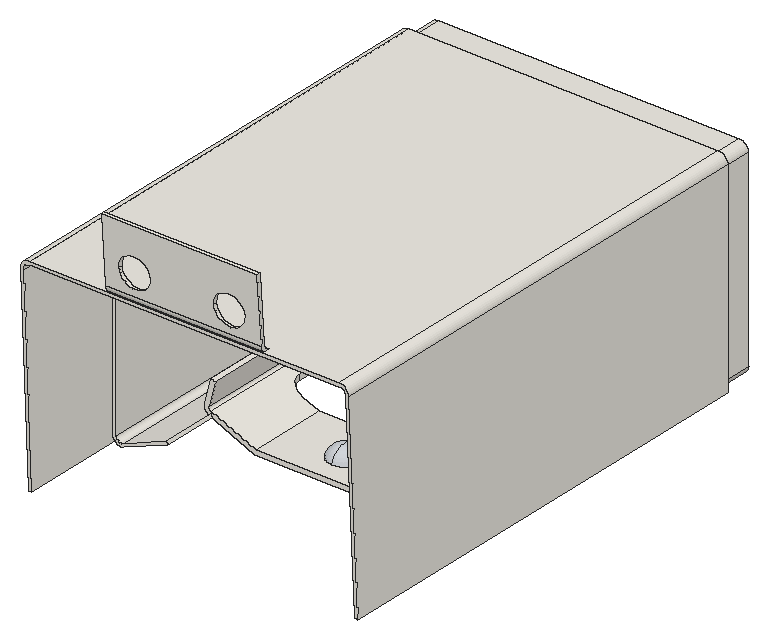
Revit family "PRD_FrankeWS_ShwrEnclsrs_HousingExtension_ZSHOW0008-ZSHOW0011", category Specialty Equipment, host Face, Revit 2018
Family settings
  Host = Face
  Round Connector Dimension = Use Diameter
  Part Type = Normal
  OmniClass Number = 23.45.05.14.17.11
  OmniClass Title = Shower Compartments
  Cut with Voids When Loaded = No
  Shared = No
  Room Calculation Point = No
Parameters (values of type "ZSHOW0008")
  WarrantyStartDate [instance] = "1900-12-31T23:59:59"
  WarrantyGuarantorParts = "n/a"
  WarrantyGuarantorLabor = "n/a"
  WarrantyDurationUnit = "year"
  WarrantyDurationParts = "n/a"
  WarrantyDurationLabor = "n/a"
  WarrantyDescription = "n/a"
  Version = "1"
  TypeOfExtension = "Shower panel Smartwave"
  TailorMade = "No"
  SurfaceTreatment = "Coated"
  Style = "n/a"
  ProductCode = "210.0636.664"
  Uniclass2015Version = "Products v1.23"
  Uniclass2015Title = "Shower enclosures"
  Uniclass2015Code = "Pr_40_20_06_79"
  URL = "www.kwc.com"
  TagNumber [instance] = "n/a"
  SustainabilityPerformance = "n/a"
  Size = "104 x 105-165 x 68 mm (W x H x D)"
  Shape = "n/a"
  SerialNumber [instance] = "n/a"
  Revision = "n/a"
  ReplacementCost = "n/a"
  ProductInformation = "https://pim.kwc.com/product/2000111076/attachment/datasheet?locale=en"
  HeightMin = 105.00 mm
  HeightMiddle = HeightMax - 15.00 mm  # 150.00 mm
  HeightMax = 165.00 mm
  HeightCheck [instance] = if(Height < HeightMin, HeightMin, if(Height > HeightMax, HeightMax, Height))  # 160.00 mm
  Height [instance] = 160.00 mm
  NominalWidth = 104.00 mm
  NominalLength = 165.00 mm
  NominalHeight = 165.00 mm
  NominalDepth = 68.00 mm
  NetWeight = 0.51 kg
  Name = "Housing Extension ZSHOW0008"
  NBSTypeID = "n/a"
  NBSReference = "45-35-70/332"
  NBSOfficeMasterTag = "n/a"
  NBSNote = "n/a"
  NBSDescription = "Shower enclosures"
  NBSCertification = "n/a"
  ModelReference = "ZSHOW0008"
  ModelNumber = "2000111076"
  Model = ModelReference  # "ZSHOW0008"
  MaterialCode = "1.4301 Chrome Nickel steel V2A"
  Material = "stainless steel"
  ManufacturerURL = "www.kwc.com"
  ManufacturerName = "KWC Group AG"  # constant formula
  Manufacturer = ManufacturerName  # "KWC Group AG"
  MainColor = "stainless steel"
  IsBuiltIn = "TRUE"
  IntegralAccessories = "fixing set included"
  InstallationDate [instance] = "1900-12-31T23:59:59"
  IfcExportType = "USERDEFINED"
  IfcExportAs = "IfcSanitaryTerminalType"
  GrossWeight = 0.53 kg
  Grade = "n/a"
  Finish = "Powder coat galvanized"
  Features = "for shower panel SMARTWAVE, with height-adjustment 105 - 165 mm"
  ExpectedLife = "n/a"
  DurationUnit = "year"
  Description = "Housing extension made of stainless steel for shower panel SMARTWAVE, white (RAL 9010) powder coated, with height-adjustment, for cladding of surface pipe installations, fixing set included."
  Default Elevation = 1500.00 mm
  CreatedOn = "05/2022"  # constant formula
  Constituents = "n/a"
  Color = "white"
  CodePerformance = "n/a"
  Category = "Pr_40_20_06_79, Shower enclosures"
  CasingMaterial = PRD_AR_StainlessSteel_AlpineWhite
  BarCode [instance] = "n/a"
  BIMObjectName = "PRD_AR_ShowerEnclosures_HousingExtension_ZSHOW0008"
  Author = "Archispace"  # constant formula
  AssetType = "Fixed"
  AssetIdentifier [instance] = "n/a"
  AccessibilityPerformance = "n/a"
Types (4, lengths in mm): name | ProductCode | Size | ProductInformation | HeightMin | HeightMiddle | HeightMax | HeightCheck | Height | NominalLength | NominalHeight | NetWeight | Name | ModelReference | ModelNumber | Model | GrossWeight | Features | BIMObjectName
  ZSHOW0008 | "210.0636.664" | "104 x 105-165 x 68 mm (W x H x D)" | "https://pim.kwc.com/product/2000111076/attachment/datasheet?locale=en" | 105.00 | 150.00 | 165.00 | 160.00 | 160.00 | 165.00 | 165.00 | 0.51 kg | "Housing Extension ZSHOW0008" | "ZSHOW0008" | "2000111076" | "ZSHOW0008" | 0.53 kg | "for shower panel SMARTWAVE, with height-adjustment 105 - 165 mm" | "PRD_AR_ShowerEnclosures_HousingExtension_ZSHOW0008"
  ZSHOW0009 | "210.0636.665" | "104 x 155-260 x 68 mm (W x H x D)" | "https://pim.kwc.com/product/2000111077/attachment/datasheet?locale=en" | 155.00 | 245.00 | 260.00 | 260.00 | 260.00 | 260.00 | 260.00 | 0.00 kg | "Housing Extension ZSHOW0009" | "ZSHOW0009" | "2000111077" | "ZSHOW0009" | 0.00 kg | "for shower panel SMARTWAVE, with height-adjustment 155 - 260 mm" | "PRD_AR_ShowerEnclosures_HousingExtension_ZSHOW0009"
  ZSHOW0010 | "210.0636.666" | "104 x 250-360 x 68 mm (W x H x D)" | "https://pim.kwc.com/product/2000111078/attachment/datasheet?locale=en" | 250.00 | 345.00 | 360.00 | 360.00 | 360.00 | 360.00 | 360.00 | 1.05 kg | "Housing Extension ZSHOW0010" | "ZSHOW0010" | "2000111078" | "ZSHOW0010" | 1.10 kg | "for shower panel SMARTWAVE, with height-adjustment 250 - 360 mm" | "PRD_AR_ShowerEnclosures_HousingExtension_ZSHOW0010"
  ZSHOW0011 | "210.0636.667" | "104 x 350-460 x 68 mm (W x H x D)" | "https://pim.kwc.com/product/2000111079/attachment/datasheet?locale=en" | 350.00 | 445.00 | 460.00 | 460.00 | 460.00 | 460.00 | 460.00 | 1.20 kg | "Housing Extension ZSHOW0011" | "ZSHOW0011" | "2000111079" | "ZSHOW0011" | 1.24 kg | "for shower panel SMARTWAVE, with height-adjustment 350 - 460 mm" | "PRD_AR_ShowerEnclosures_HousingExtension_ZSHOW0011"
Reference planes
  plane 1 "Center (Front/Back)": y = 0
  plane 2: z = 0
  plane 3 "Center (Left/Right)": x = 0
  plane 4: y = -160
  plane 5: y = -162.5
  plane 6: y = -40
  plane 7: y = -95
  plane 8: y = -148.557
  plane 9: y = -170
  plane 10: y = -10
Forms (mm)
  Sweep 1, solid, material "PRD_AR_StainlessSteel_AlpineWhite" <- "CasingMaterial", detail levels fine
    path origin (0, 0, 0) x (1, 0, 0) y (0, 1, 0)
      loop
        line (0, -10) -> (0, -162.5)
    profile origin (0, -86.25, 0) x (1, 0, 0) y (0, 0, 1)
      loop
        line (-52, 0) -> (-51, 0) -> (-51, 64.5)
        arc (-51, 64.5) -> (-50.414, 65.914) -> (-49, 66.5) r 2
        line (-49, 66.5) -> (49, 66.5)
        arc (49, 66.5) -> (50.414, 65.914) -> (51, 64.5) r 2
        line (51, 64.5) -> (51, 0) -> (52, 0) -> (52, 64.5)
        arc (52, 64.5) -> (51.121, 66.621) -> (49, 67.5) r 3
        line (49, 67.5) -> (-49, 67.5)
        arc (-49, 67.5) -> (-51.121, 66.621) -> (-52, 64.5) r 3
        line (-52, 64.5) -> (-52, 0)
  Sweep 2, solid, material "PRD_AR_StainlessSteel_AlpineWhite" <- "CasingMaterial", detail levels fine
    path origin (0, -340, 0) x (1, 0, 0) y (0, 1, 0)
      loop
        line (0, 340) -> (0, 215)
    profile origin (0, -62.5, 0) x (1, 0, 0) y (0, 0, 1)
      loop
        arc (-50.5, 2.5) -> (-49.398, 0.427) -> (-47.063, 0.182) r 2.5
        line (-47.063, 0.182) -> (-33.254, 5.761) -> (-33.629, 6.688) -> (-47.438, 1.109)
        arc (-47.438, 1.109) -> (-48.839, 1.256) -> (-49.5, 2.5) r 1.5
        line (-49.5, 2.5) -> (-49.5, 63)
        arc (-49.5, 63) -> (-48.914, 64.414) -> (-47.5, 65) r 2
        line (-47.5, 65) -> (47.5, 65)
        arc (47.5, 65) -> (48.914, 64.414) -> (49.5, 63) r 2
        line (49.5, 63) -> (49.5, 2.5)
        arc (49.5, 2.5) -> (48.839, 1.256) -> (47.438, 1.109) r 1.5
        line (47.438, 1.109) -> (33.629, 6.688) -> (33.254, 5.761) -> (47.063, 0.182)
        arc (47.063, 0.182) -> (49.398, 0.427) -> (50.5, 2.5) r 2.5
        line (50.5, 2.5) -> (50.5, 63)
        arc (50.5, 63) -> (49.621, 65.121) -> (47.5, 66) r 3
        line (47.5, 66) -> (-47.5, 66)
        arc (-47.5, 66) -> (-49.621, 65.121) -> (-50.5, 63) r 3
        line (-50.5, 63) -> (-50.5, 2.5)
  Sweep 3, solid, material "PRD_AR_StainlessSteel_AlpineWhite" <- "CasingMaterial", detail levels fine
    path origin (0, -280, 0) x (1, 0, 0) y (0, 1, 0)
      loop
        line (0, 252.5) -> (0, 172.5)
    profile origin (0, -67.5, 0) x (1, 0, 0) y (0, 0, 1)
      loop
        line (19.721, 0) -> (34.078, 6.112)
        arc (34.078, 6.112) -> (35.339, 7.302) -> (35.523, 9.026) r 2.5
        line (35.523, 9.026) -> (33.584, 16.686) -> (32.13, 16.318) -> (34.06, 8.692)
        arc (34.06, 8.692) -> (33.986, 8.003) -> (33.482, 7.527) r 1
        line (33.482, 7.527) -> (19.325, 1.5) -> (-19.325, 1.5) -> (-33.482, 7.527)
        arc (-33.482, 7.527) -> (-33.986, 8.003) -> (-34.06, 8.692) r 1
        line (-34.06, 8.692) -> (-32.13, 16.318) -> (-33.584, 16.686) -> (-35.523, 9.026)
        arc (-35.523, 9.026) -> (-35.339, 7.302) -> (-34.078, 6.112) r 2.5
        line (-34.078, 6.112) -> (-19.721, 0) -> (19.721, 0)
  Sweep 4, solid, material "PRD_AR_StainlessSteel_AlpineWhite" <- "CasingMaterial", detail levels medium
    path origin (0, 0, 0) x (1, 0, 0) y (0, 1, 0)
      loop
        line (0, 0) -> (0, -125)
    profile origin (0, -62.5, 0) x (1, 0, 0) y (0, 0, 1)
      loop
        line (-50.5, 0) -> (-49.5, 0) -> (-49.5, 65) -> (49.5, 65) -> (49.5, 0) -> (50.5, 0) -> (50.5, 66) -> (-50.5, 66) -> (-50.5, 0)
  Sweep 5, solid, material "PRD_AR_StainlessSteel_AlpineWhite" <- "CasingMaterial", detail levels medium
    path origin (0, -340, 0) x (1, 0, 0) y (0, 1, 0)
      loop
        line (0, 330) -> (0, 180)
    profile origin (0, -85, 0) x (1, 0, 0) y (0, 0, 1)
      loop
        line (-52, 0) -> (-51, 0) -> (-51, 66.5) -> (51, 66.5) -> (51, 0) -> (52, 0) -> (52, 67.5) -> (-52, 67.5) -> (-52, 0)
  Sweep 6, solid, material "PRD_AR_StainlessSteel_AlpineWhite" <- "CasingMaterial", detail levels coarse
    path origin (0, 0, 0) x (1, 0, 0) y (0, 1, 0)
      loop
        line (0, -10) -> (0, -160)
    profile origin (0, -85, 0) x (1, 0, 0) y (0, 0, 1)
      loop
        line (-52, 0) -> (52, 0) -> (52, 67.5) -> (-52, 67.5) -> (-52, 0)
  Extrusion 7, void
    sketch origin (0, 0, 0) x (1, 0, 0) y (0, 1, 0)
      loop
        arc (-24.667, -52.5) -> (-28.202, -53.964) -> (-29.667, -57.5) r 5
        line (-29.667, -57.5) -> (-29.667, -77.5)
        arc (-29.667, -77.5) -> (-28.202, -81.036) -> (-24.667, -82.5) r 5
        line (-24.667, -82.5) -> (24.605, -82.5)
        arc (24.605, -82.5) -> (28.141, -81.036) -> (29.605, -77.5) r 5
        line (29.605, -77.5) -> (29.605, -57.5)
        arc (29.605, -57.5) -> (28.141, -53.964) -> (24.605, -52.5) r 5
        line (24.605, -52.5) -> (-24.667, -52.5)
    from 0 to 8.896
  Extrusion 8, void
    sketch origin (0, 0, 0) x (0, 1, 0) y (0, 0, 1)
      loop
        line (-160, 67.5) -> (-164.529, 67.5) -> (-164.529, 0) -> (-156.462, 0) -> (-160, 67.5)
    from -58.304 to 58.564
  Extrusion 9, solid, material "PRD_AR_StainlessSteel_AlpineWhite" <- "CasingMaterial", detail levels fine
    sketch origin (0, 0, 0) x (0, 1, 0) y (0, 0, 1)
      loop
        line (-159.192, 69.326) -> (-161.045, 90.496) -> (-162.041, 90.409) -> (-160.189, 69.239)
        arc (-160.189, 69.239) -> (-159.227, 67.288) -> (-157.2, 66.5) r 3
        line (-157.2, 66.5) -> (-157.2, 67.5)
        arc (-157.2, 67.5) -> (-158.551, 68.025) -> (-159.192, 69.326) r 2
    from -24.6 to 24.6
  Revolve 10, solid, detail levels fine
    sketch origin (0, 0, 0) x (0, 1, 0) y (0, 0, 1)
      loop
        arc (-36.515, 1.5) -> (-38.368, 4.257) -> (-41.515, 5.322) r 5.182
        line (-41.515, 5.322) -> (-41.515, 1.5) -> (-36.515, 1.5)
      axis (-41.515, 5.322) -> (-41.515, 1.5)
    angle from 0 to 360
  Revolve 11, solid, detail levels fine
    sketch origin (0, -138.03, 0) x (0, -1, 0) y (0, 0, 1)
      loop
        arc (-36.515, 1.5) -> (-38.368, 4.257) -> (-41.515, 5.322) r 5.182
        line (-41.515, 5.322) -> (-41.515, 1.5) -> (-36.515, 1.5)
      axis (-41.515, 5.322) -> (-41.515, 1.5)
    angle from 0 to 360
  Extrusion 12, void
    sketch origin (-97, -18, 1219.2) x (-1, 0, 0) y (0, 0, 1)
      loop
        circle (-112, -1142.694) r 5
      loop
        circle (-82, -1142.694) r 5
    from -152 to -130.557
Cuts and joins
  Extrusion 7 cuts Sweep 3
  Extrusion 8 cuts Sweep 1
  Extrusion 12 cuts Extrusion 9
  joined: Sweep 1, Extrusion 9
Dimensions and locks
  "HeightCheck": plane 4 to plane 1 "Center (Front/Back)"
  locked: Extrusion 8 sketch curve to plane 4 at 3.538
  locked: plane 4 to plane 5 at 2.5
  locked: plane 8 to plane 4 at 11.443
  locked: plane 4 to plane 9 at 10
  plane 10 to plane 1 "Center (Front/Back)" = 10.00 mm
  "HeightMiddle": plane 10 to plane 4
  aligned and locked: plane 2 to host face
  aligned and locked: level to host face
  aligned and locked: plane 5 to Sweep 1 sketch curve
  aligned and locked: plane 9 to Extrusion 12
  aligned and locked: Extrusion 12 to plane 8
  aligned and locked: plane 10 to Sweep 1 sketch curve
  aligned and locked: plane 10 to Sweep 5 sketch curve
  aligned and locked: plane 1 "Center (Front/Back)" to Sweep 4 sketch curve
  aligned and locked: plane 4 to Sweep 5 sketch curve
  aligned and locked: plane 10 to Sweep 6 sketch curve
Automatic sketch dimensions
  host sketch curve to host sketch curve = 685.395 mm
  host sketch curve to host sketch curve = 742.693 mm
  Sweep 1 sketch curve to plane 3 "Center (Left/Right)" = 0.00 mm
  Sweep 1 sketch curve to Sweep 1 sketch curve = 0.00 mm  (x4)
  Sweep 1 sketch curve to level = 0.00 mm  (x2)
  profile plane to Sweep 1 sketch curve = 52.00 mm
  Sweep 1 sketch curve to Sweep 1 sketch curve = 1.00 mm
  Sweep 1 sketch curve to Sweep 1 sketch curve = 2.00 mm  (x2)
  Sweep 1 sketch curve to profile plane = 49.00 mm
  Sweep 1 sketch curve to Sweep 1 sketch curve = 64.50 mm
  Sweep 2 sketch curve to plane 3 "Center (Left/Right)" = 0.00 mm
  plane 1 "Center (Front/Back)" to Sweep 2 sketch curve = 0.00 mm
  Sweep 2 sketch curve to plane 7 = 30.00 mm
  Sweep 2 sketch curve to Sweep 2 sketch curve = 0.00 mm  (x8)
  level to Sweep 2 sketch curve = 2.50 mm
  profile plane to Sweep 2 sketch curve = 50.50 mm
  Sweep 2 sketch curve to Sweep 2 sketch curve = 1.00 mm
  Sweep 2 sketch curve to Sweep 2 sketch curve = 1.50 mm  (x2)
  Sweep 2 sketch curve to Sweep 2 sketch curve = 2.00 mm
  level to Sweep 2 sketch curve = 1.109 mm  (x2)
  level to Sweep 2 sketch curve = 0.182 mm  (x2)
  level to Sweep 2 sketch curve = 6.688 mm  (x2)
  Sweep 2 sketch curve to Sweep 2 sketch curve = 13.809 mm
  level to Sweep 2 sketch curve = 5.761 mm
  Sweep 2 sketch curve to profile plane = 33.254 mm
  Sweep 2 sketch curve to profile plane = 47.50 mm
  Sweep 2 sketch curve to Sweep 2 sketch curve = 0.562 mm
  Sweep 2 sketch curve to Sweep 2 sketch curve = 56.312 mm
  Sweep 3 sketch curve to plane 3 "Center (Left/Right)" = 0.00 mm
  Sweep 3 sketch curve to plane 7 = 12.50 mm
  plane 6 to Sweep 3 sketch curve = 12.50 mm
  Sweep 3 sketch curve to level = 0.00 mm
  level to Sweep 3 sketch curve = 9.026 mm  (x2)
  profile plane to Sweep 3 sketch curve = 35.523 mm
  level to Sweep 3 sketch curve = 6.112 mm  (x2)
  Sweep 3 sketch curve to Sweep 3 sketch curve = 1.444 mm
  level to Sweep 3 sketch curve = 8.692 mm  (x2)
  Sweep 3 sketch curve to Sweep 3 sketch curve = 1.463 mm  (x2)
  level to Sweep 3 sketch curve = 16.686 mm
  Sweep 3 sketch curve to Sweep 3 sketch curve = 1.939 mm
  level to Sweep 3 sketch curve = 7.527 mm  (x2)
  Sweep 3 sketch curve to Sweep 3 sketch curve = 0.578 mm
  Sweep 3 sketch curve to Sweep 3 sketch curve = 0.383 mm  (x2)
  Sweep 3 sketch curve to Sweep 3 sketch curve = 0.009 mm  (x2)
  Sweep 3 sketch curve to Sweep 3 sketch curve = 14.358 mm
  level to Sweep 3 sketch curve = 1.50 mm
  Sweep 3 sketch curve to Sweep 3 sketch curve = 0.396 mm  (x2)
  Sweep 3 sketch curve to profile plane = 19.325 mm
  Sweep 3 sketch curve to Sweep 3 sketch curve = 12.805 mm
  Sweep 3 sketch curve to Sweep 3 sketch curve = 0.96 mm
  Sweep 3 sketch curve to Sweep 3 sketch curve = 1.454 mm
  Sweep 3 sketch curve to Sweep 3 sketch curve = 0.969 mm
  Sweep 3 sketch curve to Sweep 3 sketch curve = 0.596 mm
  Sweep 4 sketch curve to level = 0.00 mm  (x2)
  profile plane to Sweep 4 sketch curve = 50.50 mm
  Sweep 4 sketch curve to Sweep 4 sketch curve = 1.00 mm  (x3)
  Sweep 4 sketch curve to profile plane = 49.50 mm
  level to Sweep 4 sketch curve = 65.00 mm
  Sweep 5 sketch curve to plane 3 "Center (Left/Right)" = 0.00 mm
  Sweep 5 sketch curve to level = 0.00 mm  (x2)
  profile plane to Sweep 5 sketch curve = 52.00 mm
  Sweep 5 sketch curve to Sweep 5 sketch curve = 1.00 mm  (x3)
  Sweep 5 sketch curve to profile plane = 51.00 mm
  Sweep 5 sketch curve to Sweep 5 sketch curve = 66.50 mm
  Sweep 6 sketch curve to plane 3 "Center (Left/Right)" = 0.00 mm
  Sweep 6 sketch curve to plane 4 = 0.00 mm
  Sweep 6 sketch curve to level = 0.00 mm
  profile plane to Sweep 6 sketch curve = 52.00 mm
  Sweep 6 sketch curve to profile plane = 52.00 mm
  Sweep 6 sketch curve to Sweep 6 sketch curve = 67.50 mm
  Extrusion 7 sketch curve to plane 6 = 17.50 mm
  Extrusion 7 sketch curve to plane 3 "Center (Left/Right)" = 29.667 mm
  Extrusion 7 sketch curve to Extrusion 7 sketch curve = 5.00 mm  (x3)
  plane 3 "Center (Left/Right)" to Extrusion 7 sketch curve = 24.605 mm  (x2)
  plane 7 to Extrusion 7 sketch curve = 12.50 mm
  Extrusion 8 sketch curve to level = 0.00 mm
  Extrusion 8 sketch curve to plane 4 = 0.00 mm
  Extrusion 8 sketch curve to plane 4 = 4.529 mm
  Extrusion 8 sketch curve to Extrusion 8 sketch curve = 67.50 mm
  Extrusion 9 sketch curve to Extrusion 9 sketch curve = 0.00 mm  (x2)
  Extrusion 9 sketch curve to plane 4 = 2.041 mm
  Extrusion 9 sketch curve to Extrusion 9 sketch curve = 0.996 mm
  Extrusion 9 sketch curve to plane 4 = 0.189 mm
  plane 4 to Extrusion 9 sketch curve = 0.808 mm
  Extrusion 9 sketch curve to Extrusion 9 sketch curve = 1.992 mm
  level to Extrusion 9 sketch curve = 66.50 mm
  Extrusion 9 sketch curve to Extrusion 9 sketch curve = 1.00 mm
  Extrusion 9 sketch curve to Extrusion 9 sketch curve = 1.739 mm
  level to Revolve 10 sketch curve = 0.14 mm
  Revolve 10 sketch curve to plane 6 = 1.515 mm
  level to Revolve 10 sketch curve = 1.50 mm
  plane 6 to Revolve 10 sketch curve = 3.485 mm
  Revolve 10 sketch curve to Revolve 10 sketch curve = 0.00 mm
  Revolve 10 sketch curve to level = 0.801 mm
  Revolve 10 sketch curve to Revolve 10 sketch curve = 0.378 mm
  Revolve 11 sketch curve to level = 0.14 mm
  plane 7 to Revolve 11 sketch curve = 1.515 mm
  Revolve 11 sketch curve to level = 1.50 mm
  plane 7 to Revolve 11 sketch curve = 6.515 mm
  Revolve 11 sketch curve to Revolve 11 sketch curve = 0.00 mm
  level to Revolve 11 sketch curve = 0.801 mm
  Revolve 11 sketch curve to Revolve 11 sketch curve = 0.378 mm
  plane 3 "Center (Left/Right)" to Extrusion 12 sketch curve = 15.00 mm
  Extrusion 12 sketch curve to plane 3 "Center (Left/Right)" = 15.00 mm
  level to Extrusion 12 sketch curve = 76.506 mm
  Extrusion 12 sketch curve to Extrusion 12 sketch curve = 0.00 mm
  Sweep 4 sketch curve to plane 3 "Center (Left/Right)" = 0.00 mm
  Sweep 4 sketch curve to plane 7 = 30.00 mm
  radius of Extrusion 12 sketch curve = 5.00 mm  (x2)
